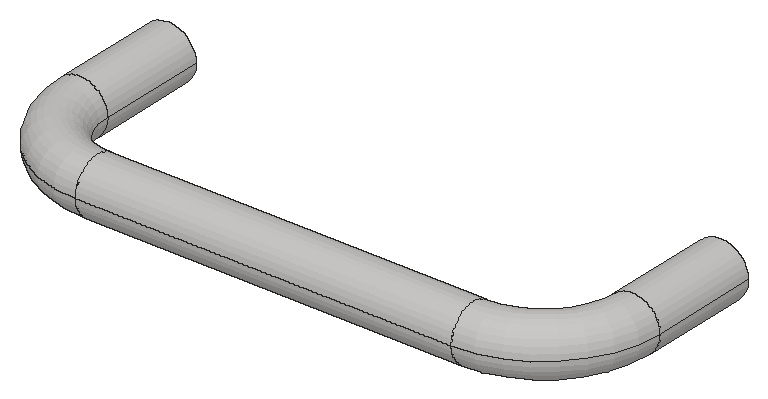
Revit family "T30", category Generic Models, Revit 2021
Family settings
  Can host rebar = No
  Round Connector Dimension = Use Diameter
  Part Type = Normal
  Work Plane-Based = No
  Always vertical = Yes
  Cut with Voids When Loaded = No
  Shared = No
  Room Calculation Point = No
Parameters
  e-mail = "info@vola.com"
  URL = "http://vola.com"
  Telephone = "+45 7023 5500"
  Quality management standard = "ISO 9001"
  Organisation no. / DUNS no. = "17531328"
  Occupational health and safety management standard = "ISO 18001"
  Mounting Instructions = "http://vola.com/service/producturl.ashx?name=T30"
  Model = "T30"
  Materials and components information = "http://vola.com/service/producturl.ashx?name=T30"
  Manufacturer = "VOLA A/S"
  Maintenance Instructions = "http://vola.com/service/producturl.ashx?name=T30"
  Guarantee = "2 years"
  Environmental management standard = "ISO 14000"
  Default Elevation = 0.00 mm
  Connection - All relevant connections = ""
  Approvals = "http://vola.com/service/producturl.ashx?name=T30"
Reference planes
  plane 1 "Center (Front/Back)": y = 0
  plane 2: z = 0
  plane 3 "Center (Left/Right)": x = 0
Forms (mm)
  Sweep 1, solid, material "Stainless Steel"
    path origin (0, 0, 0) x (1, 0, 0) y (0, 1, 0)
      loop
        line (50, 0) -> (50, -20)
        arc (50, -20) -> (45.314, -31.314) -> (34, -36) r 16
        line (34, -36) -> (-34, -36)
        arc (-34, -36) -> (-45.314, -31.314) -> (-50, -20) r 16
        line (-50, -20) -> (-50, 0)
    profile origin (-50, -10, 0) x (-1, 0, 0) y (0, 0, 1)
      loop
        circle (0, 0) r 5
Dimensions and locks
  aligned and locked: plane 2 to level
